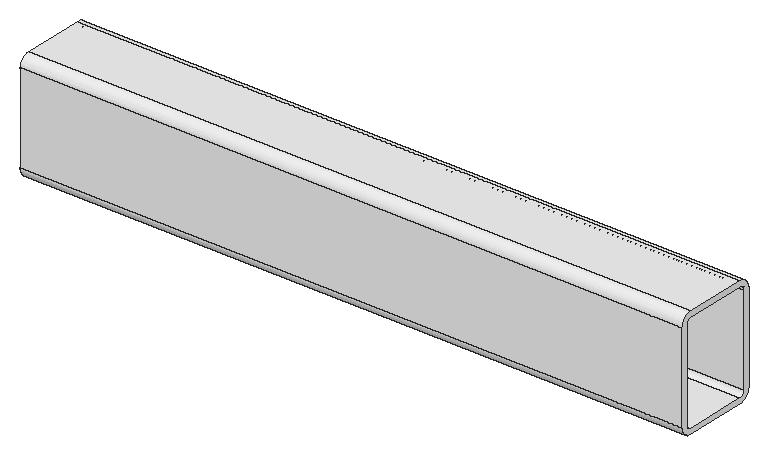
Revit family "M_HSS Retangular", category Quadro estrutural, Revit 2019 (continued)
Types in the file's own list only (275): name | Largura | Espessura nominal da parede | Espessura da parede do projeto | Momento de inércia de torção | Módulo de torção | Chave do nome do corte | Área de corte | Eixo fraco do módulo plástico | Eixo forte do módulo plástico | Concordância externa | Peso nominal | Eixo fraco do momento de inércia | Eixo forte do momento de inércia | Concordância interna | Altura | Eixo fraco do módulo de elasticidade | Eixo forte do módulo de elasticidade | Centróide vertical | Centróide horizontal
  HSS203.2X152.4X15.9 | 152.00 mm | 15.90 mm | 14.80 mm | 62400000.00 mm4 | 12355846256.0 mm³ | HSS 8X6X5/8 | 9030.0 mm² | 483000.0 mm³ | 592000.0 mm³ | 31.80 mm | 75.30 kgf/m | 30100000.00 mm4 | 47500000.00 mm4 | 15.90 mm | 203.00 mm | 395000.0 mm³ | 467000.0 mm³ | 101.50 mm | 76.00 mm
  HSS203.2X152.4X12.7 | 152.00 mm | 12.70 mm | 11.80 mm | 52900000.00 mm4 | 10307463256.0 mm³ | HSS 8X6X1/2 | 7480.0 mm² | 408000.0 mm³ | 500000.0 mm³ | 25.40 mm | 62.40 kgf/m | 26000000.00 mm4 | 40900000.00 mm4 | 12.70 mm | 203.00 mm | 341000.0 mm³ | 403000.0 mm³ | 101.50 mm | 76.00 mm
  HSS203.2X152.4X7.9 | 152.00 mm | 7.94 mm | 7.39 mm | 35700000.00 mm4 | 6849792752.0 mm³ | HSS 8X6X5/16 | 4900.0 mm² | 277000.0 mm³ | 338000.0 mm³ | 15.88 mm | 41.00 kgf/m | 18200000.00 mm4 | 28400000.00 mm4 | 7.94 mm | 203.00 mm | 239000.0 mm³ | 280000.0 mm³ | 101.50 mm | 76.00 mm
  HSS203.2X152.4X6.4 | 152.00 mm | 6.35 mm | 5.92 mm | 29300000.00 mm4 | 5587988824.0 mm³ | HSS 8X6X1/4 | 3980.0 mm² | 228000.0 mm³ | 277000.0 mm³ | 12.70 mm | 33.30 kgf/m | 15200000.00 mm4 | 23600000.00 mm4 | 6.35 mm | 203.00 mm | 198000.0 mm³ | 233000.0 mm³ | 101.50 mm | 76.00 mm
  HSS203.2X152.4X4.8 | 152.00 mm | 4.76 mm | 4.42 mm | 22400000.00 mm4 | 4244249576.0 mm³ | HSS 8X6X3/16 | 3010.0 mm² | 175000.0 mm³ | 213000.0 mm³ | 9.52 mm | 25.40 kgf/m | 11700000.00 mm4 | 18200000.00 mm4 | 4.76 mm | 203.00 mm | 154000.0 mm³ | 179000.0 mm³ | 101.50 mm | 76.00 mm
  HSS203.2X101.6X15.9 | 102.00 mm | 15.90 mm | 14.80 mm | 29300000.00 mm4 | 7701920080.0 mm³ | HSS 8X4X5/8 | 7550.0 mm² | 272000.0 mm³ | 449000.0 mm³ | 31.80 mm | 62.60 kgf/m | 11100000.00 mm4 | 34100000.00 mm4 | 15.90 mm | 203.00 mm | 218000.0 mm³ | 336000.0 mm³ | 101.50 mm | 51.00 mm
  HSS203.2X101.6X12.7 | 102.00 mm | 12.70 mm | 11.80 mm | 25400000.00 mm4 | 6554825600.0 mm³ | HSS 8X4X1/2 | 6280.0 mm² | 234000.0 mm³ | 385000.0 mm³ | 25.40 mm | 52.20 kgf/m | 9820000.00 mm4 | 29900000.00 mm4 | 12.70 mm | 203.00 mm | 193000.0 mm³ | 293000.0 mm³ | 101.50 mm | 51.00 mm
  HSS203.2X101.6X9.5 | 102.00 mm | 9.53 mm | 8.86 mm | 20500000.00 mm4 | 5178312224.0 mm³ | HSS 8X4X3/8 | 4890.0 mm² | 188000.0 mm³ | 308000.0 mm³ | 19.06 mm | 40.80 kgf/m | 8160000.00 mm4 | 24400000.00 mm4 | 9.53 mm | 203.00 mm | 161000.0 mm³ | 241000.0 mm³ | 101.50 mm | 51.00 mm
  HSS203.2X101.6X7.9 | 102.00 mm | 7.94 mm | 7.39 mm | 17700000.00 mm4 | 4424507280.0 mm³ | HSS 8X4X5/16 | 4150.0 mm² | 162000.0 mm³ | 264000.0 mm³ | 15.88 mm | 34.70 kgf/m | 7160000.00 mm4 | 21200000.00 mm4 | 7.94 mm | 203.00 mm | 141000.0 mm³ | 210000.0 mm³ | 101.50 mm | 51.00 mm
  HSS203.2X101.6X6.4 | 102.00 mm | 6.35 mm | 5.92 mm | 14700000.00 mm4 | 3654315272.0 mm³ | HSS 8X4X1/4 | 3380.0 mm² | 134000.0 mm³ | 218000.0 mm³ | 12.70 mm | 28.30 kgf/m | 5990000.00 mm4 | 17700000.00 mm4 | 6.35 mm | 203.00 mm | 118000.0 mm³ | 174000.0 mm³ | 101.50 mm | 51.00 mm
  HSS203.2X101.6X4.8 | 102.00 mm | 4.76 mm | 4.42 mm | 11300000.00 mm4 | 2785800880.0 mm³ | HSS 8X4X3/16 | 2570.0 mm² | 104000.0 mm³ | 167000.0 mm³ | 9.52 mm | 21.60 kgf/m | 4700000.00 mm4 | 13800000.00 mm4 | 4.76 mm | 203.00 mm | 92600.0 mm³ | 136000.0 mm³ | 101.50 mm | 51.00 mm
  HSS203.2X101.6X3.2 | 102.00 mm | 3.18 mm | 2.95 mm | 7780000.00 mm4 | 1900899424.0 mm³ | HSS 8X4X1/8 | 1740.0 mm² | 71400.0 mm³ | 115000.0 mm³ | 6.36 mm | 14.70 kgf/m | 3290000.00 mm4 | 9530000.00 mm4 | 3.18 mm | 203.00 mm | 64700.0 mm³ | 93900.0 mm³ | 101.50 mm | 51.00 mm
  HSS203.2X76.2X12.7 | 76.20 mm | 12.70 mm | 11.80 mm | 14300000.00 mm4 | 4670313240.0 mm³ | HSS 8X3X1/2 | 5680.0 mm² | 158000.0 mm³ | 328000.0 mm³ | 25.40 mm | 47.20 kgf/m | 4870000.00 mm4 | 24400000.00 mm4 | 12.70 mm | 203.00 mm | 128000.0 mm³ | 239000.0 mm³ | 101.50 mm | 38.10 mm
  HSS203.2X76.2X9.5 | 76.20 mm | 9.53 mm | 8.86 mm | 11900000.00 mm4 | 3752637656.0 mm³ | HSS 8X3X3/8 | 4440.0 mm² | 129000.0 mm³ | 264000.0 mm³ | 19.06 mm | 37.00 kgf/m | 4160000.00 mm4 | 20200000.00 mm4 | 9.53 mm | 203.00 mm | 109000.0 mm³ | 198000.0 mm³ | 101.50 mm | 38.10 mm
  HSS203.2X76.2X7.9 | 76.20 mm | 7.94 mm | 7.39 mm | 10400000.00 mm4 | 3244638672.0 mm³ | HSS 8X3X5/16 | 3770.0 mm² | 112000.0 mm³ | 228000.0 mm³ | 15.88 mm | 31.50 kgf/m | 3670000.00 mm4 | 17600000.00 mm4 | 7.94 mm | 203.00 mm | 96200.0 mm³ | 174000.0 mm³ | 101.50 mm | 38.10 mm
  HSS203.2X76.2X6.4 | 76.20 mm | 6.35 mm | 5.92 mm | 8660000.00 mm4 | 2687478496.0 mm³ | HSS 8X3X1/4 | 3080.0 mm² | 93400.0 mm³ | 188000.0 mm³ | 12.70 mm | 25.70 kgf/m | 3120000.00 mm4 | 14800000.00 mm4 | 6.35 mm | 203.00 mm | 81800.0 mm³ | 146000.0 mm³ | 101.50 mm | 38.10 mm
  HSS203.2X76.2X4.8 | 76.20 mm | 4.76 mm | 4.42 mm | 6740000.00 mm4 | 2064770064.0 mm³ | HSS 8X3X3/16 | 2340.0 mm² | 72600.0 mm³ | 145000.0 mm³ | 9.52 mm | 19.70 kgf/m | 2470000.00 mm4 | 11600000.00 mm4 | 4.76 mm | 203.00 mm | 64900.0 mm³ | 114000.0 mm³ | 101.50 mm | 38.10 mm
  HSS203.2X76.2X3.2 | 76.20 mm | 3.18 mm | 2.95 mm | 4700000.00 mm4 | 1415842329.6 mm³ | HSS 8X3X1/8 | 1590.0 mm² | 50300.0 mm³ | 100000.0 mm³ | 6.36 mm | 13.40 kgf/m | 1750000.00 mm4 | 8030000.00 mm4 | 3.18 mm | 203.00 mm | 45900.0 mm³ | 79100.0 mm³ | 101.50 mm | 38.10 mm
  HSS203.2X50.8X9.5 | 50.80 mm | 9.53 mm | 8.86 mm | 5040000.00 mm4 | 2326963088.0 mm³ | HSS 8X2X3/8 | 3990.0 mm² | 75500.0 mm³ | 220000.0 mm³ | 19.06 mm | 33.20 kgf/m | 1550000.00 mm4 | 15900000.00 mm4 | 9.53 mm | 203.00 mm | 61100.0 mm³ | 157000.0 mm³ | 101.50 mm | 25.40 mm
  HSS203.2X50.8X7.9 | 50.80 mm | 7.94 mm | 7.39 mm | 4540000.00 mm4 | 2031995936.0 mm³ | HSS 8X2X5/16 | 3390.0 mm² | 66500.0 mm³ | 190000.0 mm³ | 15.88 mm | 28.40 kgf/m | 1410000.00 mm4 | 14000000.00 mm4 | 7.94 mm | 203.00 mm | 55400.0 mm³ | 138000.0 mm³ | 101.50 mm | 25.40 mm
  HSS203.2X50.8X6.4 | 50.80 mm | 6.35 mm | 5.92 mm | 3900000.00 mm4 | 1704254656.0 mm³ | HSS 8X2X1/4 | 2770.0 mm² | 56200.0 mm³ | 159000.0 mm³ | 12.70 mm | 23.20 kgf/m | 1220000.00 mm4 | 11900000.00 mm4 | 6.35 mm | 203.00 mm | 48200.0 mm³ | 117000.0 mm³ | 101.50 mm | 25.40 mm
  HSS203.2X50.8X4.8 | 50.80 mm | 4.76 mm | 4.42 mm | 3110000.00 mm4 | 1328990890.4 mm³ | HSS 8X2X3/16 | 2120.0 mm² | 44200.0 mm³ | 123000.0 mm³ | 9.52 mm | 17.80 kgf/m | 995000.00 mm4 | 9320000.00 mm4 | 4.76 mm | 203.00 mm | 39200.0 mm³ | 91900.0 mm³ | 101.50 mm | 25.40 mm
  HSS203.2X50.8X3.2 | 50.80 mm | 3.18 mm | 2.95 mm | 2210000.00 mm4 | 924230409.6 mm³ | HSS 8X2X1/8 | 1440.0 mm² | 31100.0 mm³ | 85000.0 mm³ | 6.36 mm | 12.10 kgf/m | 716000.00 mm4 | 6530000.00 mm4 | 3.18 mm | 203.00 mm | 28200.0 mm³ | 64400.0 mm³ | 101.50 mm | 25.40 mm
  HSS177.8X127X12.7 | 127.00 mm | 12.70 mm | 11.80 mm | 31600000.00 mm4 | 7308630544.0 mm³ | HSS 7X5X1/2 | 6280.0 mm² | 283000.0 mm³ | 359000.0 mm³ | 25.40 mm | 52.20 kgf/m | 14800000.00 mm4 | 25200000.00 mm4 | 12.70 mm | 178.00 mm | 233000.0 mm³ | 283000.0 mm³ | 89.00 mm | 63.50 mm
  HSS177.8X127X9.5 | 127.00 mm | 9.53 mm | 8.86 mm | 25200000.00 mm4 | 5751859464.0 mm³ | HSS 7X5X3/8 | 4890.0 mm² | 226000.0 mm³ | 287000.0 mm³ | 19.06 mm | 40.80 kgf/m | 12200000.00 mm4 | 20600000.00 mm4 | 9.53 mm | 178.00 mm | 192000.0 mm³ | 231000.0 mm³ | 89.00 mm | 63.50 mm
  HSS177.8X127X7.9 | 127.00 mm | 7.94 mm | 7.39 mm | 21700000.00 mm4 | 4916119200.0 mm³ | HSS 7X5X5/16 | 4150.0 mm² | 195000.0 mm³ | 246000.0 mm³ | 15.88 mm | 34.70 kgf/m | 10600000.00 mm4 | 17900000.00 mm4 | 7.94 mm | 178.00 mm | 167000.0 mm³ | 202000.0 mm³ | 89.00 mm | 63.50 mm
  HSS177.8X127X6.4 | 127.00 mm | 6.35 mm | 5.92 mm | 17900000.00 mm4 | 4031217744.0 mm³ | HSS 7X5X1/4 | 3380.0 mm² | 161000.0 mm³ | 203000.0 mm³ | 12.70 mm | 28.30 kgf/m | 8870000.00 mm4 | 14900000.00 mm4 | 6.35 mm | 178.00 mm | 140000.0 mm³ | 167000.0 mm³ | 89.00 mm | 63.50 mm
  HSS177.8X127X4.8 | 127.00 mm | 4.76 mm | 4.42 mm | 13700000.00 mm4 | 3064380968.0 mm³ | HSS 7X5X3/16 | 2570.0 mm² | 124000.0 mm³ | 156000.0 mm³ | 9.52 mm | 21.60 kgf/m | 6910000.00 mm4 | 11600000.00 mm4 | 4.76 mm | 178.00 mm | 109000.0 mm³ | 130000.0 mm³ | 89.00 mm | 63.50 mm
  HSS177.8X127X3.2 | 127.00 mm | 3.18 mm | 2.95 mm | 9370000.00 mm4 | 2097544192.0 mm³ | HSS 7X5X1/8 | 1740.0 mm² | 85200.0 mm³ | 107000.0 mm³ | 6.36 mm | 14.70 kgf/m | 4830000.00 mm4 | 8030000.00 mm4 | 3.18 mm | 178.00 mm | 75900.0 mm³ | 90500.0 mm³ | 89.00 mm | 63.50 mm
  HSS177.8X101.6X12.7 | 102.00 mm | 12.70 mm | 11.80 mm | 21000000.00 mm4 | 5669924144.0 mm³ | HSS 7X4X1/2 | 5680.0 mm² | 206000.0 mm³ | 308000.0 mm³ | 25.40 mm | 47.20 kgf/m | 8620000.00 mm4 | 21100000.00 mm4 | 12.70 mm | 178.00 mm | 170000.0 mm³ | 238000.0 mm³ | 89.00 mm | 51.00 mm
  HSS177.8X101.6X9.5 | 102.00 mm | 9.53 mm | 8.86 mm | 17100000.00 mm4 | 4506442600.0 mm³ | HSS 7X4X3/8 | 4440.0 mm² | 167000.0 mm³ | 247000.0 mm³ | 19.06 mm | 37.00 kgf/m | 7200000.00 mm4 | 17400000.00 mm4 | 9.53 mm | 178.00 mm | 141000.0 mm³ | 195000.0 mm³ | 89.00 mm | 51.00 mm
  HSS177.8X101.6X7.9 | 102.00 mm | 7.94 mm | 7.39 mm | 14700000.00 mm4 | 3867347104.0 mm³ | HSS 7X4X5/16 | 3770.0 mm² | 145000.0 mm³ | 215000.0 mm³ | 15.88 mm | 31.50 kgf/m | 6330000.00 mm4 | 15200000.00 mm4 | 7.94 mm | 178.00 mm | 124000.0 mm³ | 170000.0 mm³ | 89.00 mm | 51.00 mm
  HSS177.8X101.6X6.4 | 102.00 mm | 6.35 mm | 5.92 mm | 12200000.00 mm4 | 3162703352.0 mm³ | HSS 7X4X1/4 | 3080.0 mm² | 120000.0 mm³ | 177000.0 mm³ | 12.70 mm | 25.70 kgf/m | 5330000.00 mm4 | 12700000.00 mm4 | 6.35 mm | 178.00 mm | 105000.0 mm³ | 143000.0 mm³ | 89.00 mm | 51.00 mm
  HSS177.8X101.6X4.8 | 102.00 mm | 4.76 mm | 4.42 mm | 9450000.00 mm4 | 2441672536.0 mm³ | HSS 7X4X3/16 | 2340.0 mm² | 92900.0 mm³ | 137000.0 mm³ | 9.52 mm | 19.70 kgf/m | 4160000.00 mm4 | 9910000.00 mm4 | 4.76 mm | 178.00 mm | 82300.0 mm³ | 112000.0 mm³ | 89.00 mm | 51.00 mm
  HSS177.8X101.6X3.2 | 102.00 mm | 3.18 mm | 2.95 mm | 6490000.00 mm4 | 1671480528.0 mm³ | HSS 7X4X1/8 | 1590.0 mm² | 64100.0 mm³ | 93900.0 mm³ | 6.36 mm | 13.40 kgf/m | 2930000.00 mm4 | 6910000.00 mm4 | 3.18 mm | 178.00 mm | 57500.0 mm³ | 77500.0 mm³ | 89.00 mm | 51.00 mm
  HSS177.8X76.2X12.7 | 76.20 mm | 12.70 mm | 11.80 mm | 11900000.00 mm4 | 4031217744.0 mm³ | HSS 7X3X1/2 | 5080.0 mm² | 139000.0 mm³ | 259000.0 mm³ | 25.40 mm | 42.10 kgf/m | 4250000.00 mm4 | 16900000.00 mm4 | 12.70 mm | 178.00 mm | 111000.0 mm³ | 190000.0 mm³ | 89.00 mm | 38.10 mm
  HSS177.8X76.2X9.5 | 76.20 mm | 9.53 mm | 8.86 mm | 9950000.00 mm4 | 3244638672.0 mm³ | HSS 7X3X3/8 | 3990.0 mm² | 114000.0 mm³ | 210000.0 mm³ | 19.06 mm | 33.20 kgf/m | 3630000.00 mm4 | 14200000.00 mm4 | 9.53 mm | 178.00 mm | 95200.0 mm³ | 159000.0 mm³ | 89.00 mm | 38.10 mm
  HSS177.8X76.2X7.9 | 76.20 mm | 7.94 mm | 7.39 mm | 8700000.00 mm4 | 2818575008.0 mm³ | HSS 7X3X5/16 | 3390.0 mm² | 99100.0 mm³ | 182000.0 mm³ | 15.88 mm | 28.40 kgf/m | 3220000.00 mm4 | 12400000.00 mm4 | 7.94 mm | 178.00 mm | 84600.0 mm³ | 140000.0 mm³ | 89.00 mm | 38.10 mm
  HSS177.8X76.2X6.4 | 76.20 mm | 6.35 mm | 5.92 mm | 7280000.00 mm4 | 2326963088.0 mm³ | HSS 7X3X1/4 | 2770.0 mm² | 82900.0 mm³ | 151000.0 mm³ | 12.70 mm | 23.20 kgf/m | 2750000.00 mm4 | 10500000.00 mm4 | 6.35 mm | 178.00 mm | 72100.0 mm³ | 118000.0 mm³ | 89.00 mm | 38.10 mm
  HSS177.8X76.2X4.8 | 76.20 mm | 4.76 mm | 4.42 mm | 5700000.00 mm4 | 1802577040.0 mm³ | HSS 7X3X3/16 | 2120.0 mm² | 64600.0 mm³ | 117000.0 mm³ | 9.52 mm | 17.80 kgf/m | 2180000.00 mm4 | 8240000.00 mm4 | 4.76 mm | 178.00 mm | 57400.0 mm³ | 92600.0 mm³ | 89.00 mm | 38.10 mm
  HSS177.8X76.2X3.2 | 76.20 mm | 3.18 mm | 2.95 mm | 3950000.00 mm4 | 1235584625.6 mm³ | HSS 7X3X1/8 | 1440.0 mm² | 44700.0 mm³ | 80800.0 mm³ | 6.36 mm | 12.10 kgf/m | 1540000.00 mm4 | 5740000.00 mm4 | 3.18 mm | 178.00 mm | 40600.0 mm³ | 64700.0 mm³ | 89.00 mm | 38.10 mm
  HSS177.8X50.8X6.4 | 50.80 mm | 6.35 mm | 5.92 mm | 3310000.00 mm4 | 1483029292.0 mm³ | HSS 7X2X1/4 | 2480.0 mm² | 49500.0 mm³ | 125000.0 mm³ | 12.70 mm | 20.70 kgf/m | 1070000.00 mm4 | 8240000.00 mm4 | 6.35 mm | 178.00 mm | 42300.0 mm³ | 92900.0 mm³ | 89.00 mm | 25.40 mm
  HSS177.8X50.8X4.8 | 50.80 mm | 4.76 mm | 4.42 mm | 2640000.00 mm4 | 1160204131.2 mm³ | HSS 7X2X3/16 | 1890.0 mm² | 39200.0 mm³ | 97500.0 mm³ | 9.52 mm | 15.90 kgf/m | 874000.00 mm4 | 6530000.00 mm4 | 4.76 mm | 178.00 mm | 34400.0 mm³ | 73600.0 mm³ | 89.00 mm | 25.40 mm
  HSS177.8X50.8X3.2 | 50.80 mm | 3.18 mm | 2.95 mm | 1880000.00 mm4 | 806243548.8 mm³ | HSS 7X2X1/8 | 1290.0 mm² | 27500.0 mm³ | 67700.0 mm³ | 6.36 mm | 10.90 kgf/m | 633000.00 mm4 | 4620000.00 mm4 | 3.18 mm | 178.00 mm | 24900.0 mm³ | 51800.0 mm³ | 89.00 mm | 25.40 mm
  HSS152.4X127X12.7 | 127.00 mm | 12.70 mm | 11.80 mm | 24900000.00 mm4 | 6177923128.0 mm³ | HSS 6X5X1/2 | 5680.0 mm² | 249000.0 mm³ | 282000.0 mm³ | 25.40 mm | 47.20 kgf/m | 12800000.00 mm4 | 17100000.00 mm4 | 12.70 mm | 152.00 mm | 202000.0 mm³ | 225000.0 mm³ | 76.00 mm | 63.50 mm
  HSS152.4X127X9.5 | 127.00 mm | 9.53 mm | 8.86 mm | 20000000.00 mm4 | 4883345072.0 mm³ | HSS 6X5X3/8 | 4440.0 mm² | 200000.0 mm³ | 226000.0 mm³ | 19.06 mm | 37.00 kgf/m | 10600000.00 mm4 | 14100000.00 mm4 | 9.53 mm | 152.00 mm | 167000.0 mm³ | 185000.0 mm³ | 76.00 mm | 63.50 mm
  HSS152.4X127X7.9 | 127.00 mm | 7.94 mm | 7.39 mm | 17200000.00 mm4 | 4195088384.0 mm³ | HSS 6X5X5/16 | 3770.0 mm² | 172000.0 mm³ | 195000.0 mm³ | 15.88 mm | 31.50 kgf/m | 9280000.00 mm4 | 12300000.00 mm4 | 7.94 mm | 152.00 mm | 146000.0 mm³ | 161000.0 mm³ | 76.00 mm | 63.50 mm
  HSS152.4X127X6.4 | 127.00 mm | 6.35 mm | 5.92 mm | 14200000.00 mm4 | 3441283440.0 mm³ | HSS 6X5X1/4 | 3080.0 mm² | 143000.0 mm³ | 162000.0 mm³ | 12.70 mm | 25.70 kgf/m | 7780000.00 mm4 | 10300000.00 mm4 | 6.35 mm | 152.00 mm | 122000.0 mm³ | 135000.0 mm³ | 76.00 mm | 63.50 mm
  HSS152.4X127X4.8 | 127.00 mm | 4.76 mm | 4.42 mm | 10900000.00 mm4 | 2621930240.0 mm³ | HSS 6X5X3/16 | 2340.0 mm² | 110000.0 mm³ | 125000.0 mm³ | 9.52 mm | 19.70 kgf/m | 6080000.00 mm4 | 8030000.00 mm4 | 4.76 mm | 152.00 mm | 95700.0 mm³ | 106000.0 mm³ | 76.00 mm | 63.50 mm
  HSS152.4X127X3.2 | 127.00 mm | 3.18 mm | 2.95 mm | 7490000.00 mm4 | 1786189976.0 mm³ | HSS 6X5X1/8 | 1590.0 mm² | 75900.0 mm³ | 85900.0 mm³ | 6.36 mm | 13.40 kgf/m | 4250000.00 mm4 | 5580000.00 mm4 | 3.18 mm | 152.00 mm | 66700.0 mm³ | 73400.0 mm³ | 76.00 mm | 63.50 mm
  HSS152.4X101.6X12.7 | 102.00 mm | 12.70 mm | 11.80 mm | 16800000.00 mm4 | 4785022688.0 mm³ | HSS 6X4X1/2 | 5080.0 mm² | 180000.0 mm³ | 239000.0 mm³ | 25.40 mm | 42.10 kgf/m | 7410000.00 mm4 | 14200000.00 mm4 | 12.70 mm | 152.00 mm | 146000.0 mm³ | 185000.0 mm³ | 76.00 mm | 51.00 mm
  HSS152.4X101.6X9.5 | 102.00 mm | 9.53 mm | 8.86 mm | 13700000.00 mm4 | 3818185912.0 mm³ | HSS 6X4X3/8 | 3990.0 mm² | 147000.0 mm³ | 195000.0 mm³ | 19.06 mm | 33.20 kgf/m | 6200000.00 mm4 | 11800000.00 mm4 | 9.53 mm | 152.00 mm | 122000.0 mm³ | 155000.0 mm³ | 76.00 mm | 51.00 mm
  HSS152.4X101.6X7.9 | 102.00 mm | 7.94 mm | 7.39 mm | 11800000.00 mm4 | 3277412800.0 mm³ | HSS 6X4X5/16 | 3390.0 mm² | 127000.0 mm³ | 169000.0 mm³ | 15.88 mm | 28.40 kgf/m | 5490000.00 mm4 | 10300000.00 mm4 | 7.94 mm | 152.00 mm | 108000.0 mm³ | 136000.0 mm³ | 76.00 mm | 51.00 mm
  HSS152.4X101.6X6.4 | 102.00 mm | 6.35 mm | 5.92 mm | 9820000.00 mm4 | 2720252624.0 mm³ | HSS 6X4X1/4 | 2770.0 mm² | 106000.0 mm³ | 140000.0 mm³ | 12.70 mm | 23.20 kgf/m | 4620000.00 mm4 | 8700000.00 mm4 | 6.35 mm | 152.00 mm | 91100.0 mm³ | 114000.0 mm³ | 76.00 mm | 51.00 mm
  HSS152.4X101.6X4.8 | 102.00 mm | 4.76 mm | 4.42 mm | 7580000.00 mm4 | 2081157128.0 mm³ | HSS 6X4X3/16 | 2120.0 mm² | 81900.0 mm³ | 108000.0 mm³ | 9.52 mm | 17.80 kgf/m | 3650000.00 mm4 | 6830000.00 mm4 | 4.76 mm | 152.00 mm | 71800.0 mm³ | 89500.0 mm³ | 76.00 mm | 51.00 mm
  HSS152.4X101.6X3.2 | 102.00 mm | 3.18 mm | 2.95 mm | 5240000.00 mm4 | 1424035861.6 mm³ | HSS 6X4X1/8 | 1440.0 mm² | 56700.0 mm³ | 74700.0 mm³ | 6.36 mm | 12.10 kgf/m | 2560000.00 mm4 | 4750000.00 mm4 | 3.18 mm | 152.00 mm | 50500.0 mm³ | 62400.0 mm³ | 76.00 mm | 51.00 mm
  HSS152.4X76.2X12.7 | 76.20 mm | 12.70 mm | 11.80 mm | 9610000.00 mm4 | 3408509312.0 mm³ | HSS 6X3X1/2 | 4480.0 mm² | 119000.0 mm³ | 198000.0 mm³ | 25.40 mm | 37.10 kgf/m | 3620000.00 mm4 | 11200000.00 mm4 | 12.70 mm | 152.00 mm | 94900.0 mm³ | 147000.0 mm³ | 76.00 mm | 38.10 mm
  HSS152.4X76.2X9.5 | 76.20 mm | 9.53 mm | 8.86 mm | 8030000.00 mm4 | 2769413816.0 mm³ | HSS 6X3X3/8 | 3540.0 mm² | 98800.0 mm³ | 162000.0 mm³ | 19.06 mm | 29.40 kgf/m | 3110000.00 mm4 | 9450000.00 mm4 | 9.53 mm | 152.00 mm | 81800.0 mm³ | 124000.0 mm³ | 76.00 mm | 38.10 mm
  HSS152.4X76.2X7.9 | 76.20 mm | 7.94 mm | 7.39 mm | 7030000.00 mm4 | 2392511344.0 mm³ | HSS 6X3X5/16 | 3020.0 mm² | 86400.0 mm³ | 141000.0 mm³ | 15.88 mm | 25.20 kgf/m | 2780000.00 mm4 | 8370000.00 mm4 | 7.94 mm | 152.00 mm | 72900.0 mm³ | 110000.0 mm³ | 76.00 mm | 38.10 mm
  HSS152.4X76.2X6.4 | 76.20 mm | 6.35 mm | 5.92 mm | 5910000.00 mm4 | 1982834744.0 mm³ | HSS 6X3X1/4 | 2480.0 mm² | 72300.0 mm³ | 118000.0 mm³ | 12.70 mm | 20.70 kgf/m | 2370000.00 mm4 | 7080000.00 mm4 | 6.35 mm | 152.00 mm | 62300.0 mm³ | 92800.0 mm³ | 76.00 mm | 38.10 mm
  HSS152.4X76.2X4.8 | 76.20 mm | 4.76 mm | 4.42 mm | 4620000.00 mm4 | 1533829190.4 mm³ | HSS 6X3X3/16 | 1890.0 mm² | 56500.0 mm³ | 91600.0 mm³ | 9.52 mm | 15.90 kgf/m | 1890000.00 mm4 | 5580000.00 mm4 | 4.76 mm | 152.00 mm | 49700.0 mm³ | 73300.0 mm³ | 76.00 mm | 38.10 mm
  HSS152.4X76.2X3.2 | 76.20 mm | 3.18 mm | 2.95 mm | 3220000.00 mm4 | 1055326921.6 mm³ | HSS 6X3X1/8 | 1290.0 mm² | 39300.0 mm³ | 63400.0 mm³ | 6.36 mm | 10.90 kgf/m | 1340000.00 mm4 | 3930000.00 mm4 | 3.18 mm | 152.00 mm | 35200.0 mm³ | 51500.0 mm³ | 76.00 mm | 38.10 mm
  HSS152.4X50.8X9.5 | 50.80 mm | 9.53 mm | 8.86 mm | 3500000.00 mm4 | 1704254656.0 mm³ | HSS 6X2X3/8 | 3080.0 mm² | 56700.0 mm³ | 130000.0 mm³ | 19.06 mm | 25.60 kgf/m | 1150000.00 mm4 | 7120000.00 mm4 | 9.53 mm | 152.00 mm | 45400.0 mm³ | 93600.0 mm³ | 76.00 mm | 25.40 mm
  HSS152.4X50.8X7.9 | 50.80 mm | 7.94 mm | 7.39 mm | 3160000.00 mm4 | 1497777649.6 mm³ | HSS 6X2X5/16 | 2650.0 mm² | 50300.0 mm³ | 114000.0 mm³ | 15.88 mm | 22.00 kgf/m | 1050000.00 mm4 | 6370000.00 mm4 | 7.94 mm | 152.00 mm | 41300.0 mm³ | 83700.0 mm³ | 76.00 mm | 25.40 mm
  HSS152.4X50.8X6.4 | 50.80 mm | 6.35 mm | 5.92 mm | 2730000.00 mm4 | 1261803928.0 mm³ | HSS 6X2X1/4 | 2170.0 mm² | 42800.0 mm³ | 95700.0 mm³ | 12.70 mm | 18.10 kgf/m | 920000.00 mm4 | 5450000.00 mm4 | 6.35 mm | 152.00 mm | 36200.0 mm³ | 71600.0 mm³ | 76.00 mm | 25.40 mm
  HSS152.4X50.8X4.8 | 50.80 mm | 4.76 mm | 4.42 mm | 2180000.00 mm4 | 988139959.2 mm³ | HSS 6X2X3/16 | 1660.0 mm² | 33900.0 mm³ | 75100.0 mm³ | 9.52 mm | 14.00 kgf/m | 749000.00 mm4 | 4370000.00 mm4 | 4.76 mm | 152.00 mm | 29500.0 mm³ | 57200.0 mm³ | 76.00 mm | 25.40 mm
  HSS152.4X50.8X3.2 | 50.80 mm | 3.18 mm | 2.95 mm | 1550000.00 mm4 | 689895394.4 mm³ | HSS 6X2X1/8 | 1140.0 mm² | 23900.0 mm³ | 52300.0 mm³ | 6.36 mm | 9.59 kgf/m | 545000.00 mm4 | 3090000.00 mm4 | 3.18 mm | 152.00 mm | 21500.0 mm³ | 40500.0 mm³ | 76.00 mm | 25.40 mm
  HSS127X101.6X12.7 | 102.00 mm | 12.70 mm | 11.80 mm | 12600000.00 mm4 | 3900121232.0 mm³ | HSS 5X4X1/2 | 4480.0 mm² | 153000.0 mm³ | 179000.0 mm³ | 25.40 mm | 37.10 kgf/m | 6200000.00 mm4 | 8820000.00 mm4 | 12.70 mm | 127.00 mm | 122000.0 mm³ | 139000.0 mm³ | 63.50 mm | 51.00 mm
  HSS127X101.6X9.5 | 102.00 mm | 9.53 mm | 8.86 mm | 10400000.00 mm4 | 3146316288.0 mm³ | HSS 5X4X3/8 | 3540.0 mm² | 126000.0 mm³ | 147000.0 mm³ | 19.06 mm | 29.40 kgf/m | 5240000.00 mm4 | 7450000.00 mm4 | 9.53 mm | 127.00 mm | 103000.0 mm³ | 117000.0 mm³ | 63.50 mm | 51.00 mm
  HSS127X101.6X7.9 | 102.00 mm | 7.94 mm | 7.39 mm | 9030000.00 mm4 | 2720252624.0 mm³ | HSS 5X4X5/16 | 3020.0 mm² | 109000.0 mm³ | 128000.0 mm³ | 15.88 mm | 25.20 kgf/m | 4620000.00 mm4 | 6580000.00 mm4 | 7.94 mm | 127.00 mm | 91300.0 mm³ | 104000.0 mm³ | 63.50 mm | 51.00 mm
  HSS127X101.6X6.4 | 102.00 mm | 6.35 mm | 5.92 mm | 7490000.00 mm4 | 2228640704.0 mm³ | HSS 5X4X1/4 | 2480.0 mm² | 91300.0 mm³ | 106000.0 mm³ | 12.70 mm | 20.70 kgf/m | 3940000.00 mm4 | 5580000.00 mm4 | 6.35 mm | 127.00 mm | 77500.0 mm³ | 87700.0 mm³ | 63.50 mm | 51.00 mm
  HSS127X101.6X4.8 | 102.00 mm | 4.76 mm | 4.42 mm | 5830000.00 mm4 | 1720641720.0 mm³ | HSS 5X4X3/16 | 1890.0 mm² | 71100.0 mm³ | 82800.0 mm³ | 9.52 mm | 15.90 kgf/m | 3110000.00 mm4 | 4410000.00 mm4 | 4.76 mm | 127.00 mm | 61300.0 mm³ | 69200.0 mm³ | 63.50 mm | 51.00 mm
  HSS127X101.6X3.2 | 102.00 mm | 3.18 mm | 2.95 mm | 4020000.00 mm4 | 1178229901.6 mm³ | HSS 5X4X1/8 | 1290.0 mm² | 49300.0 mm³ | 57400.0 mm³ | 6.36 mm | 10.90 kgf/m | 2190000.00 mm4 | 3090000.00 mm4 | 3.18 mm | 127.00 mm | 43300.0 mm³ | 48700.0 mm³ | 63.50 mm | 51.00 mm
  HSS127X76.2X12.7 | 76.20 mm | 12.70 mm | 11.80 mm | 7330000.00 mm4 | 2769413816.0 mm³ | HSS 5X3X1/2 | 3880.0 mm² | 100000.0 mm³ | 145000.0 mm³ | 25.40 mm | 32.00 kgf/m | 2990000.00 mm4 | 6830000.00 mm4 | 12.70 mm | 127.00 mm | 78300.0 mm³ | 108000.0 mm³ | 63.50 mm | 38.10 mm
  HSS127X76.2X9.5 | 76.20 mm | 9.53 mm | 8.86 mm | 6200000.00 mm4 | 2261414832.0 mm³ | HSS 5X3X3/8 | 3080.0 mm² | 83600.0 mm³ | 120000.0 mm³ | 19.06 mm | 25.60 kgf/m | 2600000.00 mm4 | 5870000.00 mm4 | 9.53 mm | 127.00 mm | 68200.0 mm³ | 92600.0 mm³ | 63.50 mm | 38.10 mm
  HSS127X76.2X7.9 | 76.20 mm | 7.94 mm | 7.39 mm | 5450000.00 mm4 | 1966447680.0 mm³ | HSS 5X3X5/16 | 2650.0 mm² | 73400.0 mm³ | 105000.0 mm³ | 15.88 mm | 22.00 kgf/m | 2330000.00 mm4 | 5240000.00 mm4 | 7.94 mm | 127.00 mm | 61100.0 mm³ | 82400.0 mm³ | 63.50 mm | 38.10 mm
  HSS127X76.2X6.4 | 76.20 mm | 6.35 mm | 5.92 mm | 4580000.00 mm4 | 1638706400.0 mm³ | HSS 5X3X1/4 | 2170.0 mm² | 61800.0 mm³ | 88200.0 mm³ | 12.70 mm | 18.10 kgf/m | 2000000.00 mm4 | 4450000.00 mm4 | 6.35 mm | 127.00 mm | 52600.0 mm³ | 70300.0 mm³ | 63.50 mm | 38.10 mm
  HSS127X76.2X4.8 | 76.20 mm | 4.76 mm | 4.42 mm | 3600000.00 mm4 | 1269997460.0 mm³ | HSS 5X3X3/16 | 1660.0 mm² | 48500.0 mm³ | 69000.0 mm³ | 9.52 mm | 14.00 kgf/m | 1600000.00 mm4 | 3550000.00 mm4 | 4.76 mm | 127.00 mm | 42100.0 mm³ | 55900.0 mm³ | 63.50 mm | 38.10 mm
  HSS127X76.2X3.2 | 76.20 mm | 3.18 mm | 2.95 mm | 2510000.00 mm4 | 875069217.6 mm³ | HSS 5X3X1/8 | 1140.0 mm² | 33900.0 mm³ | 48000.0 mm³ | 6.36 mm | 9.59 kgf/m | 1140000.00 mm4 | 2510000.00 mm4 | 3.18 mm | 127.00 mm | 30000.0 mm³ | 39500.0 mm³ | 63.50 mm | 38.10 mm
  HSS127X63.5X6.4 | 63.50 mm | 6.35 mm | 5.92 mm | 3300000.00 mm4 | 1340461835.2 mm³ | HSS 5X2 1/2X1/4 | 2030.0 mm² | 48300.0 mm³ | 79100.0 mm³ | 12.70 mm | 16.90 kgf/m | 1300000.00 mm4 | 3910000.00 mm4 | 6.35 mm | 127.00 mm | 41000.0 mm³ | 61600.0 mm³ | 63.50 mm | 31.75 mm
  HSS127X63.5X4.8 | 63.50 mm | 4.76 mm | 4.42 mm | 2610000.00 mm4 | 1043855976.8 mm³ | HSS 5X2 1/2X3/16 | 1550.0 mm² | 38200.0 mm³ | 62100.0 mm³ | 9.52 mm | 13.10 kgf/m | 1050000.00 mm4 | 3130000.00 mm4 | 4.76 mm | 127.00 mm | 33300.0 mm³ | 49300.0 mm³ | 63.50 mm | 31.75 mm
  HSS127X63.5X3.2 | 63.50 mm | 3.18 mm | 2.95 mm | 1830000.00 mm4 | 724308228.8 mm³ | HSS 5X2 1/2X1/8 | 1060.0 mm² | 26900.0 mm³ | 43400.0 mm³ | 6.36 mm | 8.96 kgf/m | 758000.00 mm4 | 2220000.00 mm4 | 3.18 mm | 127.00 mm | 23900.0 mm³ | 35100.0 mm³ | 63.50 mm | 31.75 mm
  HSS127X50.8X9.5 | 50.80 mm | 9.53 mm | 8.86 mm | 2750000.00 mm4 | 1396177852.8 mm³ | HSS 5X2X3/8 | 2640.0 mm² | 47200.0 mm³ | 93600.0 mm³ | 19.06 mm | 21.80 kgf/m | 949000.00 mm4 | 4330000.00 mm4 | 9.53 mm | 127.00 mm | 37400.0 mm³ | 67800.0 mm³ | 63.50 mm | 25.40 mm
  HSS127X50.8X7.9 | 50.80 mm | 7.94 mm | 7.39 mm | 2490000.00 mm4 | 1232307212.8 mm³ | HSS 5X2X5/16 | 2270.0 mm² | 42100.0 mm³ | 82800.0 mm³ | 15.88 mm | 18.80 kgf/m | 874000.00 mm4 | 3890000.00 mm4 | 7.94 mm | 127.00 mm | 34400.0 mm³ | 61300.0 mm³ | 63.50 mm | 25.40 mm
  HSS127X50.8X6.4 | 50.80 mm | 6.35 mm | 5.92 mm | 2150000.00 mm4 | 1042217270.4 mm³ | HSS 5X2X1/4 | 1880.0 mm² | 36100.0 mm³ | 70000.0 mm³ | 12.70 mm | 15.60 kgf/m | 766000.00 mm4 | 3360000.00 mm4 | 6.35 mm | 127.00 mm | 30200.0 mm³ | 52900.0 mm³ | 63.50 mm | 25.40 mm
  HSS127X50.8X4.8 | 50.80 mm | 4.76 mm | 4.42 mm | 1730000.00 mm4 | 819353200.0 mm³ | HSS 5X2X3/16 | 1450.0 mm² | 28700.0 mm³ | 55200.0 mm³ | 9.52 mm | 12.10 kgf/m | 629000.00 mm4 | 2710000.00 mm4 | 4.76 mm | 127.00 mm | 24700.0 mm³ | 42600.0 mm³ | 63.50 mm | 25.40 mm
  HSS127X50.8X3.2 | 50.80 mm | 3.18 mm | 2.95 mm | 1230000.00 mm4 | 571908533.6 mm³ | HSS 5X2X1/8 | 994.0 mm² | 20300.0 mm³ | 38800.0 mm³ | 6.36 mm | 8.33 kgf/m | 458000.00 mm4 | 1940000.00 mm4 | 3.18 mm | 127.00 mm | 18000.0 mm³ | 30500.0 mm³ | 63.50 mm | 25.40 mm
  HSS101.6X76.2X9.5 | 76.20 mm | 9.53 mm | 8.86 mm | 4410000.00 mm4 | 1769802912.0 mm³ | HSS 4X3X3/8 | 2640.0 mm² | 68500.0 mm³ | 83900.0 mm³ | 19.06 mm | 21.80 kgf/m | 2090000.00 mm4 | 3300000.00 mm4 | 9.53 mm | 102.00 mm | 54700.0 mm³ | 65100.0 mm³ | 51.00 mm | 38.10 mm
  HSS101.6X76.2X7.9 | 76.20 mm | 7.94 mm | 7.39 mm | 3920000.00 mm4 | 1543661428.8 mm³ | HSS 4X3X5/16 | 2270.0 mm² | 60500.0 mm³ | 73900.0 mm³ | 15.88 mm | 18.80 kgf/m | 1880000.00 mm4 | 2970000.00 mm4 | 7.94 mm | 102.00 mm | 49500.0 mm³ | 58500.0 mm³ | 51.00 mm | 38.10 mm
  HSS101.6X76.2X6.4 | 76.20 mm | 6.35 mm | 5.92 mm | 3310000.00 mm4 | 1291300643.2 mm³ | HSS 4X3X1/4 | 1880.0 mm² | 51100.0 mm³ | 62400.0 mm³ | 12.70 mm | 15.60 kgf/m | 1630000.00 mm4 | 2560000.00 mm4 | 6.35 mm | 102.00 mm | 42800.0 mm³ | 50300.0 mm³ | 51.00 mm | 38.10 mm
  HSS101.6X76.2X4.8 | 76.20 mm | 4.76 mm | 4.42 mm | 2610000.00 mm4 | 1004527023.2 mm³ | HSS 4X3X3/16 | 1450.0 mm² | 40300.0 mm³ | 49200.0 mm³ | 9.52 mm | 12.10 kgf/m | 1320000.00 mm4 | 2050000.00 mm4 | 4.76 mm | 102.00 mm | 34400.0 mm³ | 40500.0 mm³ | 51.00 mm | 38.10 mm
  HSS101.6X76.2X3.2 | 76.20 mm | 3.18 mm | 2.95 mm | 1820000.00 mm4 | 694811513.6 mm³ | HSS 4X3X1/8 | 994.0 mm² | 28300.0 mm³ | 34600.0 mm³ | 6.36 mm | 8.33 kgf/m | 945000.00 mm4 | 1470000.00 mm4 | 3.18 mm | 102.00 mm | 24700.0 mm³ | 28800.0 mm³ | 51.00 mm | 38.10 mm
  HSS101.6X63.5X9.5 | 63.50 mm | 9.53 mm | 8.86 mm | 3150000.00 mm4 | 1428951980.8 mm³ | HSS 4X2 1/2X3/8 | 2410.0 mm² | 52400.0 mm³ | 73400.0 mm³ | 19.06 mm | 19.90 kgf/m | 1320000.00 mm4 | 2820000.00 mm4 | 9.53 mm | 102.00 mm | 41600.0 mm³ | 55400.0 mm³ | 51.00 mm | 31.75 mm
  HSS101.6X63.5X7.9 | 63.50 mm | 7.94 mm | 7.39 mm | 2820000.00 mm4 | 1253610396.0 mm³ | HSS 4X2 1/2X5/16 | 2080.0 mm² | 46700.0 mm³ | 65100.0 mm³ | 15.88 mm | 17.30 kgf/m | 1200000.00 mm4 | 2550000.00 mm4 | 7.94 mm | 102.00 mm | 38000.0 mm³ | 50300.0 mm³ | 51.00 mm | 31.75 mm
  HSS101.6X63.5X6.4 | 63.50 mm | 6.35 mm | 5.92 mm | 2410000.00 mm4 | 1055326921.6 mm³ | HSS 4X2 1/2X1/4 | 1720.0 mm² | 39800.0 mm³ | 55400.0 mm³ | 12.70 mm | 14.30 kgf/m | 1050000.00 mm4 | 2210000.00 mm4 | 6.35 mm | 102.00 mm | 33100.0 mm³ | 43600.0 mm³ | 51.00 mm | 31.75 mm
  HSS101.6X63.5X4.8 | 63.50 mm | 4.76 mm | 4.42 mm | 1910000.00 mm4 | 827546732.0 mm³ | HSS 4X2 1/2X3/16 | 1330.0 mm² | 31600.0 mm³ | 43800.0 mm³ | 9.52 mm | 11.20 kgf/m | 857000.00 mm4 | 1790000.00 mm4 | 4.76 mm | 102.00 mm | 27000.0 mm³ | 35200.0 mm³ | 51.00 mm | 31.75 mm
  HSS101.6X63.5X3.2 | 63.50 mm | 3.18 mm | 2.95 mm | 1340000.00 mm4 | 575185946.4 mm³ | HSS 4X2 1/2X1/8 | 916.0 mm² | 22300.0 mm³ | 30800.0 mm³ | 6.36 mm | 7.70 kgf/m | 620000.00 mm4 | 1290000.00 mm4 | 3.18 mm | 102.00 mm | 19500.0 mm³ | 25200.0 mm³ | 51.00 mm | 31.75 mm
  HSS101.6X50.8X9.5 | 50.80 mm | 9.53 mm | 8.86 mm | 2010000.00 mm4 | 1084823636.8 mm³ | HSS 4X2X3/8 | 2190.0 mm² | 37900.0 mm³ | 62900.0 mm³ | 19.06 mm | 18.00 kgf/m | 749000.00 mm4 | 2330000.00 mm4 | 9.53 mm | 102.00 mm | 29500.0 mm³ | 45900.0 mm³ | 51.00 mm | 25.40 mm
  HSS101.6X50.8X7.9 | 50.80 mm | 7.94 mm | 7.39 mm | 1830000.00 mm4 | 963559363.2 mm³ | HSS 4X2X5/16 | 1900.0 mm² | 34100.0 mm³ | 56200.0 mm³ | 15.88 mm | 15.70 kgf/m | 695000.00 mm4 | 2140000.00 mm4 | 7.94 mm | 102.00 mm | 27400.0 mm³ | 42000.0 mm³ | 51.00 mm | 25.40 mm
  HSS101.6X50.8X6.4 | 50.80 mm | 6.35 mm | 5.92 mm | 1590000.00 mm4 | 819353200.0 mm³ | HSS 4X2X1/4 | 1570.0 mm² | 29300.0 mm³ | 48200.0 mm³ | 12.70 mm | 13.10 kgf/m | 616000.00 mm4 | 1870000.00 mm4 | 6.35 mm | 102.00 mm | 24300.0 mm³ | 36900.0 mm³ | 51.00 mm | 25.40 mm
  HSS101.6X50.8X4.8 | 50.80 mm | 4.76 mm | 4.42 mm | 1280000.00 mm4 | 647289028.0 mm³ | HSS 4X2X3/16 | 1220.0 mm² | 23400.0 mm³ | 38300.0 mm³ | 9.52 mm | 10.20 kgf/m | 508000.00 mm4 | 1520000.00 mm4 | 4.76 mm | 102.00 mm | 20000.0 mm³ | 30000.0 mm³ | 51.00 mm | 25.40 mm
  HSS101.6X50.8X3.2 | 50.80 mm | 3.18 mm | 2.95 mm | 916000.00 mm4 | 453921672.8 mm³ | HSS 4X2X1/8 | 839.0 mm² | 16700.0 mm³ | 27200.0 mm³ | 6.36 mm | 7.06 kgf/m | 374000.00 mm4 | 1100000.00 mm4 | 3.18 mm | 102.00 mm | 14700.0 mm³ | 21600.0 mm³ | 51.00 mm | 25.40 mm
  HSS88.9X63.5X9.5 | 63.50 mm | 9.53 mm | 8.86 mm | 2560000.00 mm4 | 1225752387.2 mm³ | HSS 3 1/2X2 1/2X3/8 | 2190.0 mm² | 46300.0 mm³ | 58800.0 mm³ | 19.06 mm | 18.00 kgf/m | 1150000.00 mm4 | 1980000.00 mm4 | 9.53 mm | 88.90 mm | 36300.0 mm³ | 44500.0 mm³ | 44.45 mm | 31.75 mm
  HSS88.9X63.5X7.9 | 63.50 mm | 7.94 mm | 7.39 mm | 2300000.00 mm4 | 1081546224.0 mm³ | HSS 3 1/2X2 1/2X5/16 | 1900.0 mm² | 41400.0 mm³ | 52500.0 mm³ | 15.88 mm | 15.60 kgf/m | 1060000.00 mm4 | 1810000.00 mm4 | 7.94 mm | 88.90 mm | 33300.0 mm³ | 40700.0 mm³ | 44.45 mm | 31.75 mm
  HSS88.9X63.5X6.4 | 63.50 mm | 6.35 mm | 5.92 mm | 1980000.00 mm4 | 914398171.2 mm³ | HSS 3 1/2X2 1/2X1/4 | 1570.0 mm² | 35400.0 mm³ | 44800.0 mm³ | 12.70 mm | 13.10 kgf/m | 928000.00 mm4 | 1580000.00 mm4 | 6.35 mm | 88.90 mm | 29200.0 mm³ | 35500.0 mm³ | 44.45 mm | 31.75 mm
  HSS88.9X63.5X4.8 | 63.50 mm | 4.76 mm | 4.42 mm | 1570000.00 mm4 | 717753403.2 mm³ | HSS 3 1/2X2 1/2X3/16 | 1220.0 mm² | 28300.0 mm³ | 35700.0 mm³ | 9.52 mm | 10.20 kgf/m | 760000.00 mm4 | 1290000.00 mm4 | 4.76 mm | 88.90 mm | 23900.0 mm³ | 28900.0 mm³ | 44.45 mm | 31.75 mm
  HSS88.9X63.5X3.2 | 63.50 mm | 3.18 mm | 2.95 mm | 1110000.00 mm4 | 501444158.4 mm³ | HSS 3 1/2X2 1/2X1/8 | 839.0 mm² | 20100.0 mm³ | 25300.0 mm³ | 6.35 mm | 7.07 kgf/m | 553000.00 mm4 | 929000.00 mm4 | 3.18 mm | 88.90 mm | 17400.0 mm³ | 20900.0 mm³ | 44.45 mm | 31.75 mm
  HSS88.9X50.8X6.4 | 50.80 mm | 6.35 mm | 5.92 mm | 1320000.00 mm4 | 709559871.2 mm³ | HSS 3 1/2X2X1/4 | 1430.0 mm² | 25900.0 mm³ | 38700.0 mm³ | 12.70 mm | 11.80 kgf/m | 541000.00 mm4 | 1320000.00 mm4 | 6.35 mm | 88.90 mm | 21300.0 mm³ | 29700.0 mm³ | 44.45 mm | 25.40 mm
  HSS88.9X50.8X4.8 | 50.80 mm | 4.76 mm | 4.42 mm | 1060000.00 mm4 | 560437588.8 mm³ | HSS 3 1/2X2X3/16 | 1100.0 mm² | 20800.0 mm³ | 31000.0 mm³ | 9.52 mm | 9.27 kgf/m | 450000.00 mm4 | 1090000.00 mm4 | 4.76 mm | 88.90 mm | 17700.0 mm³ | 24400.0 mm³ | 44.45 mm | 25.40 mm
  HSS88.9X50.8X3.2 | 50.80 mm | 3.18 mm | 2.95 mm | 762000.00 mm4 | 394928242.4 mm³ | HSS 3 1/2X2X1/8 | 768.0 mm² | 14900.0 mm³ | 22000.0 mm³ | 6.36 mm | 6.43 kgf/m | 331000.00 mm4 | 791000.00 mm4 | 3.18 mm | 88.90 mm | 13000.0 mm³ | 17900.0 mm³ | 44.45 mm | 25.40 mm
  HSS88.9X38.1X6.4 | 38.10 mm | 6.35 mm | 5.92 mm | 745000.00 mm4 | 504721571.2 mm³ | HSS 3 1/2X1 1/2X1/4 | 1270.0 mm² | 17400.0 mm³ | 32400.0 mm³ | 12.70 mm | 10.50 kgf/m | 266000.00 mm4 | 1060000.00 mm4 | 6.35 mm | 88.90 mm | 13900.0 mm³ | 23900.0 mm³ | 44.45 mm | 19.05 mm
  HSS88.9X38.1X4.8 | 38.10 mm | 4.76 mm | 4.42 mm | 620000.00 mm4 | 404760480.8 mm³ | HSS 3 1/2X1 1/2X3/16 | 994.0 mm² | 14200.0 mm³ | 26200.0 mm³ | 9.52 mm | 8.31 kgf/m | 226000.00 mm4 | 882000.00 mm4 | 4.76 mm | 88.90 mm | 11900.0 mm³ | 19800.0 mm³ | 44.45 mm | 19.05 mm
  HSS88.9X38.1X3.2 | 38.10 mm | 3.18 mm | 2.95 mm | 454000.00 mm4 | 290051032.8 mm³ | HSS 3 1/2X1 1/2X1/8 | 690.0 mm² | 10300.0 mm³ | 18800.0 mm³ | 6.36 mm | 5.80 kgf/m | 171000.00 mm4 | 653000.00 mm4 | 3.18 mm | 88.90 mm | 8980.0 mm³ | 14700.0 mm³ | 44.45 mm | 19.05 mm
  HSS76.2X63.5X7.9 | 63.50 mm | 7.94 mm | 7.39 mm | 1810000.00 mm4 | 911120758.4 mm³ | HSS 3X2 1/2X5/16 | 1700.0 mm² | 36100.0 mm³ | 41100.0 mm³ | 15.88 mm | 14.10 kgf/m | 907000.00 mm4 | 1220000.00 mm4 | 7.94 mm | 76.20 mm | 28500.0 mm³ | 31800.0 mm³ | 38.10 mm | 31.75 mm
  HSS76.2X63.5X6.4 | 63.50 mm | 6.35 mm | 5.92 mm | 1560000.00 mm4 | 770192008.0 mm³ | HSS 3X2 1/2X1/4 | 1430.0 mm² | 31100.0 mm³ | 35400.0 mm³ | 12.70 mm | 11.80 kgf/m | 803000.00 mm4 | 1070000.00 mm4 | 6.35 mm | 76.20 mm | 25200.0 mm³ | 28200.0 mm³ | 38.10 mm | 31.75 mm
  HSS76.2X63.5X4.8 | 63.50 mm | 4.76 mm | 4.42 mm | 1250000.00 mm4 | 609598780.8 mm³ | HSS 3X2 1/2X3/16 | 1100.0 mm² | 24900.0 mm³ | 28300.0 mm³ | 9.52 mm | 9.27 kgf/m | 662000.00 mm4 | 878000.00 mm4 | 4.76 mm | 76.20 mm | 20800.0 mm³ | 23100.0 mm³ | 38.10 mm | 31.75 mm
  HSS76.2X63.5X3.2 | 63.50 mm | 3.18 mm | 2.95 mm | 887000.00 mm4 | 427702370.4 mm³ | HSS 3X2 1/2X1/8 | 768.0 mm² | 17900.0 mm³ | 20200.0 mm³ | 6.36 mm | 6.43 kgf/m | 483000.00 mm4 | 641000.00 mm4 | 3.18 mm | 76.20 mm | 15300.0 mm³ | 16900.0 mm³ | 38.10 mm | 31.75 mm
  HSS76.2X50.8X7.9 | 50.80 mm | 7.94 mm | 7.39 mm | 1190000.00 mm4 | 698088926.4 mm³ | HSS 3X2X5/16 | 1520.0 mm² | 25900.0 mm³ | 34600.0 mm³ | 15.88 mm | 12.50 kgf/m | 516000.00 mm4 | 991000.00 mm4 | 7.94 mm | 76.20 mm | 20300.0 mm³ | 26100.0 mm³ | 38.10 mm | 25.40 mm
  HSS76.2X50.8X6.4 | 50.80 mm | 6.35 mm | 5.92 mm | 1050000.00 mm4 | 598127836.0 mm³ | HSS 3X2X1/4 | 1270.0 mm² | 22600.0 mm³ | 30000.0 mm³ | 12.70 mm | 10.50 kgf/m | 462000.00 mm4 | 887000.00 mm4 | 6.35 mm | 76.20 mm | 18200.0 mm³ | 23300.0 mm³ | 38.10 mm | 25.40 mm
  HSS76.2X50.8X4.8 | 50.80 mm | 4.76 mm | 4.42 mm | 853000.00 mm4 | 478502268.8 mm³ | HSS 3X2X3/16 | 994.0 mm² | 18400.0 mm³ | 24300.0 mm³ | 9.52 mm | 8.31 kgf/m | 388000.00 mm4 | 737000.00 mm4 | 4.76 mm | 76.20 mm | 15300.0 mm³ | 19300.0 mm³ | 38.10 mm | 25.40 mm
  HSS76.2X50.8X3.2 | 50.80 mm | 3.18 mm | 2.95 mm | 612000.00 mm4 | 335934812.0 mm³ | HSS 3X2X1/8 | 690.0 mm² | 13200.0 mm³ | 17400.0 mm³ | 6.36 mm | 5.80 kgf/m | 288000.00 mm4 | 541000.00 mm4 | 3.18 mm | 76.20 mm | 11300.0 mm³ | 14200.0 mm³ | 38.10 mm | 25.40 mm
  HSS76.2X38.1X6.4 | 38.10 mm | 6.35 mm | 5.92 mm | 599000.00 mm4 | 424424957.6 mm³ | HSS 3X1 1/2X1/4 | 1120.0 mm² | 14900.0 mm³ | 24700.0 mm³ | 12.70 mm | 9.26 kgf/m | 226000.00 mm4 | 699000.00 mm4 | 6.35 mm | 76.20 mm | 11900.0 mm³ | 18400.0 mm³ | 38.10 mm | 19.05 mm
  HSS76.2X38.1X4.8 | 38.10 mm | 4.76 mm | 4.42 mm | 504000.00 mm4 | 344128344.0 mm³ | HSS 3X1 1/2X3/16 | 884.0 mm² | 12300.0 mm³ | 20300.0 mm³ | 9.52 mm | 7.36 kgf/m | 194000.00 mm4 | 591000.00 mm4 | 4.76 mm | 76.20 mm | 10200.0 mm³ | 15500.0 mm³ | 38.10 mm | 19.05 mm
  HSS76.2X38.1X3.2 | 38.10 mm | 3.18 mm | 2.95 mm | 369000.00 mm4 | 247444666.4 mm³ | HSS 3X1 1/2X1/8 | 617.0 mm² | 9010.0 mm³ | 14700.0 mm³ | 6.36 mm | 5.16 kgf/m | 148000.00 mm4 | 441000.00 mm4 | 3.18 mm | 76.20 mm | 7770.0 mm³ | 11600.0 mm³ | 38.10 mm | 19.05 mm
  HSS76.2X25.4X4.8 | 25.40 mm | 4.76 mm | 4.42 mm | 219000.00 mm4 | 213031832.0 mm³ | HSS 3X1X3/16 | 768.0 mm² | 7080.0 mm³ | 16200.0 mm³ | 9.52 mm | 6.41 kgf/m | 72000.00 mm4 | 445000.00 mm4 | 4.76 mm | 76.20 mm | 5650.0 mm³ | 11700.0 mm³ | 38.10 mm | 12.70 mm
  HSS76.2X25.4X3.2 | 25.40 mm | 3.18 mm | 2.95 mm | 170000.00 mm4 | 157151943.8 mm³ | HSS 3X1X1/8 | 542.0 mm² | 5330.0 mm³ | 11900.0 mm³ | 6.36 mm | 4.53 kgf/m | 57400.00 mm4 | 340000.00 mm4 | 3.18 mm | 76.20 mm | 4520.0 mm³ | 8930.0 mm³ | 38.10 mm | 12.70 mm
  HSS63.5X50.8X6.4 | 50.80 mm | 6.35 mm | 5.92 mm | 791000.00 mm4 | 488334507.2 mm³ | HSS 2 1/2X2X1/4 | 1120.0 mm² | 19200.0 mm³ | 22500.0 mm³ | 12.70 mm | 9.26 kgf/m | 387000.00 mm4 | 554000.00 mm4 | 6.35 mm | 63.50 mm | 15200.0 mm³ | 17400.0 mm³ | 31.75 mm | 25.40 mm
  HSS63.5X50.8X4.8 | 50.80 mm | 4.76 mm | 4.42 mm | 645000.00 mm4 | 391650829.6 mm³ | HSS 2 1/2X2X3/16 | 884.0 mm² | 15700.0 mm³ | 18400.0 mm³ | 9.52 mm | 7.36 kgf/m | 327000.00 mm4 | 466000.00 mm4 | 4.76 mm | 63.50 mm | 12900.0 mm³ | 14700.0 mm³ | 31.75 mm | 25.40 mm
  HSS63.5X50.8X3.2 | 50.80 mm | 3.18 mm | 2.95 mm | 466000.00 mm4 | 278580088.0 mm³ | HSS 2 1/2X2X1/8 | 617.0 mm² | 11400.0 mm³ | 13300.0 mm³ | 6.36 mm | 5.16 kgf/m | 245000.00 mm4 | 347000.00 mm4 | 3.18 mm | 63.50 mm | 9650.0 mm³ | 10900.0 mm³ | 31.75 mm | 25.40 mm
  HSS63.5X38.1X6.4 | 38.10 mm | 6.35 mm | 5.92 mm | 458000.00 mm4 | 345767050.4 mm³ | HSS 2 1/2X1 1/2X1/4 | 974.0 mm² | 12500.0 mm³ | 18200.0 mm³ | 12.70 mm | 8.00 kgf/m | 187000.00 mm4 | 429000.00 mm4 | 6.35 mm | 63.50 mm | 9820.0 mm³ | 13500.0 mm³ | 31.75 mm | 19.05 mm
  HSS63.5X38.1X4.8 | 38.10 mm | 4.76 mm | 4.42 mm | 387000.00 mm4 | 281857500.8 mm³ | HSS 2 1/2X1 1/2X3/16 | 768.0 mm² | 10400.0 mm³ | 15000.0 mm³ | 9.52 mm | 6.41 kgf/m | 162000.00 mm4 | 367000.00 mm4 | 4.76 mm | 63.50 mm | 8520.0 mm³ | 11600.0 mm³ | 31.75 mm | 19.05 mm
  HSS63.5X38.1X3.2 | 38.10 mm | 3.18 mm | 2.95 mm | 286000.00 mm4 | 203199593.6 mm³ | HSS 2 1/2X1 1/2X1/8 | 542.0 mm² | 7690.0 mm³ | 11000.0 mm³ | 6.36 mm | 4.53 kgf/m | 125000.00 mm4 | 278000.00 mm4 | 3.18 mm | 63.50 mm | 6540.0 mm³ | 8770.0 mm³ | 31.75 mm | 19.05 mm
  HSS63.5X25.4X4.8 | 25.40 mm | 4.76 mm | 4.42 mm | 171000.00 mm4 | 173702878.4 mm³ | HSS 2 1/2X1X3/16 | 658.0 mm² | 5900.0 mm³ | 11700.0 mm³ | 9.52 mm | 5.46 kgf/m | 59500.00 mm4 | 269000.00 mm4 | 4.76 mm | 63.50 mm | 4670.0 mm³ | 8470.0 mm³ | 31.75 mm | 12.70 mm
  HSS63.5X25.4X3.2 | 25.40 mm | 3.18 mm | 2.95 mm | 134000.00 mm4 | 129621676.2 mm³ | HSS 2 1/2X1X1/8 | 467.0 mm² | 4490.0 mm³ | 8720.0 mm³ | 6.36 mm | 3.90 kgf/m | 47900.00 mm4 | 209000.00 mm4 | 3.18 mm | 63.50 mm | 3770.0 mm³ | 6600.0 mm³ | 31.75 mm | 12.70 mm
  HSS57.2X50.8X4.8 | 50.80 mm | 4.76 mm | 4.42 mm | 549000.00 mm4 | 349044463.2 mm³ | HSS 2 1/4X2X3/16 | 826.0 mm² | 14400.0 mm³ | 15600.0 mm³ | 9.52 mm | 6.89 kgf/m | 297000.00 mm4 | 358000.00 mm4 | 4.76 mm | 57.20 mm | 11700.0 mm³ | 12500.0 mm³ | 28.60 mm | 25.40 mm
  HSS57.2X50.8X3.2 | 50.80 mm | 3.18 mm | 2.95 mm | 398000.00 mm4 | 249083372.8 mm³ | HSS 2 1/4X2X1/8 | 579.0 mm² | 10500.0 mm³ | 11400.0 mm³ | 6.36 mm | 4.85 kgf/m | 224000.00 mm4 | 269000.00 mm4 | 3.18 mm | 57.20 mm | 8820.0 mm³ | 9410.0 mm³ | 28.60 mm | 25.40 mm
  HSS50.8X38.1X4.8 | 38.10 mm | 4.76 mm | 4.42 mm | 276000.00 mm4 | 221225364.0 mm³ | HSS 2X1 1/2X3/16 | 658.0 mm² | 8540.0 mm³ | 10500.0 mm³ | 9.52 mm | 5.46 kgf/m | 130000.00 mm4 | 206000.00 mm4 | 4.76 mm | 50.80 mm | 6830.0 mm³ | 8110.0 mm³ | 25.40 mm | 19.05 mm
  HSS50.8X38.1X3.2 | 38.10 mm | 3.18 mm | 2.95 mm | 206000.00 mm4 | 160920968.5 mm³ | HSS 2X1 1/2X1/8 | 467.0 mm² | 6370.0 mm³ | 7780.0 mm³ | 6.36 mm | 3.90 kgf/m | 102000.00 mm4 | 159000.00 mm4 | 3.18 mm | 50.80 mm | 5330.0 mm³ | 6280.0 mm³ | 25.40 mm | 19.05 mm
  HSS50.8X25.4X4.8 | 25.40 mm | 4.76 mm | 4.42 mm | 125000.00 mm4 | 135684889.9 mm³ | HSS 2X1X3/16 | 545.0 mm² | 4720.0 mm³ | 7870.0 mm³ | 9.52 mm | 4.51 kgf/m | 46600.00 mm4 | 146000.00 mm4 | 4.76 mm | 50.80 mm | 3690.0 mm³ | 5740.0 mm³ | 25.40 mm | 12.70 mm
  HSS50.8X25.4X3.2 | 25.40 mm | 3.18 mm | 2.95 mm | 99100.00 mm4 | 102091408.7 mm³ | HSS 2X1X1/8 | 392.0 mm² | 3650.0 mm³ | 6000.0 mm³ | 6.36 mm | 3.26 kgf/m | 38400.00 mm4 | 117000.00 mm4 | 3.18 mm | 50.80 mm | 3020.0 mm³ | 4590.0 mm³ | 25.40 mm | 12.70 mm
